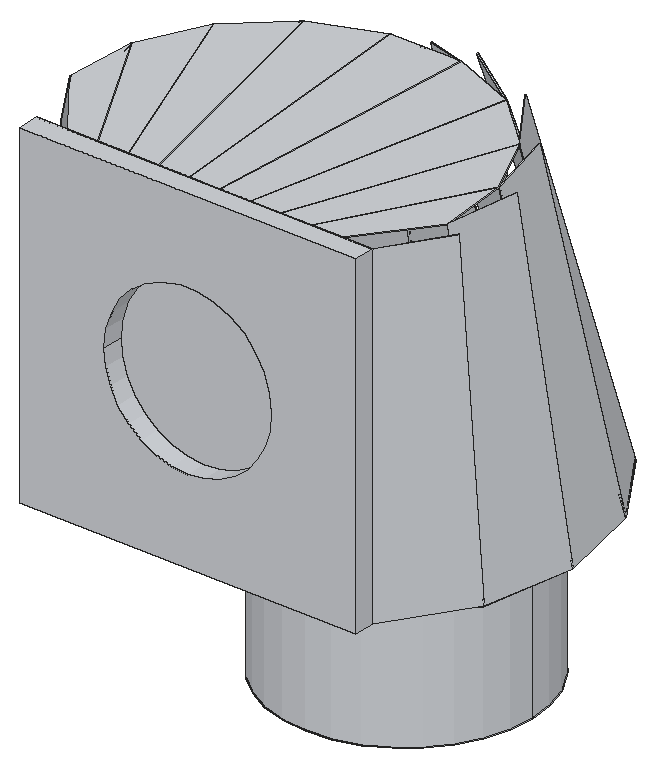
Revit family "EI_Steckdose_CEE_V1700", category Elektroinstallationen, Revit 2017
Family settings
  Beschriftungsausrichtung beibehalten = Nein
  Bemaßung runder Anschluss = Durchmesser verwenden
  Teiletyp = Normal
  OmniClass-Nummer = 23.80.00.00
  OmniClass-Titel = Electric Power and Lighting
  Arbeitsebenenbasiert = Nein
  Immer vertikal = Ja
  Beim Laden mit Abzugskörper schneiden = Ja
  Gemeinsam genutzt = Nein
  Raumberechnungspunkt = Nein
Parameters (values of type "32A")
  pbr_Material_KZ = ""
  pbr_Material = none
  pbr_E_Typ = ""
  pbr_E_KZ = ""
  pbr_DINBild = 0
  pbr_Bild = 0
  pbr_3Dx_Delta_Korrekturversatz [instance] = 0 mm
  pbr_3DX_Versatzfaktor [instance] = 0
  pbr_2DY_Versatzfaktor [instance] = 0
  pbr_2DX_Versatzfaktor [instance] = 0
  cpiFitMatchKey [instance] = "E-ST-K-3-UNT"  # constant formula
  Zentrale [instance] = ""
  Wirkleistung [instance] = 0 W
  Typ [instance] = ""
  Text3 [instance] = ""
  Text2 [instance] = ""
  Text1 [instance] = ""
  Spannung [instance] = 0
  Scheinleistung [instance] = 0 VA
  Schaltgruppe2 [instance] = 0
  Schaltgruppe1 [instance] = 0
  Polig [instance] = 1
  Planungsbüro Rohling = "www.pbr.de"
  Nennstrom [instance] = 0
  Menge(Dosenzahl) [instance] = 0
  Linie/Anschluss [instance] = ""
  Leistungsfaktor [instance] = 0
  Lastklassifizierung = none
  Installationsart [instance] = ""
  Info [instance] = ""
  Gleichzeitigkeitsfaktor3 [instance] = 0
  Gleichzeitigkeitsfaktor2 [instance] = 0
  Gleichzeitigkeitsfaktor1 [instance] = 0
  Gewerk [instance] = "Steck"
  CEE Steckdose 63A = no
  CEE Steckdose 32A = yes
  CEE Steckdose 230V = no
  CEE Steckdose 16A = no
  Eckversatz [instance] = 0 mm
  YFrontversatz [instance] = if(pbr_2DY_Versatzfaktor = 300, 0 mm, pbr_2DY_Versatzfaktor * 300 mm)  # 0 mm
  XSeitenversatz [instance] = if(pbr_2DX_Versatzfaktor = 0, 3000 mm, 3000 mm + (pbr_2DX_Versatzfaktor * 300 mm)) + Eckversatz  # 3000 mm
  X3Dversatz [instance] = if([3DX_Versatzkontrolle] = 0, 2000 mm, 2000 mm + ([3DX_Versatzkontrolle] * (300 mm - 80 mm))) + pbr_3Dx_Delta_Korrekturversatz  # 2000 mm
  Steckdosenradius = 20 mm
  R_Leerrohranschluss = 10 mm
  Niveau [instance] = 300 mm
  Dosentiefe = 70 mm  # constant formula
  Dosenradius = 65 mm / 2  # 32.5 mm
  D_Leerrohranschluss = 2 * R_Leerrohranschluss  # 20 mm
  Anlaufstrom [instance] = 0
  3DX_Versatzkontrolle [instance] = if(pbr_3DX_Versatzfaktor = 0, (pbr_2DX_Versatzfaktor * -1), (((-1 * pbr_3DX_Versatzfaktor) + pbr_2DX_Versatzfaktor) * -1))  # 0
  Platzierrahmen [instance] = no
Types (4, lengths in mm): name | CEE Steckdose 63A | CEE Steckdose 32A | CEE Steckdose 230V | CEE Steckdose 16A
  16A | no | no | no | yes
  32A | no | yes | no | no
  63A | yes | no | no | no
  230V | no | no | yes | no
Reference planes
  plane 1 "Mitte (Vorne/Hinten)": y = 0
  plane 2: z = 0
  plane 3 "Mitte (Links/Rechts)": x = 0
  plane 4: x = -125
  plane 5: x = 125
  plane 6: y = 300
  plane 7 "Schalterhinten": y = 0
  plane 8: x = -3000
  plane 9: x = 0
  plane 10: x = -40
  plane 11: x = 40
  plane 12: z = 340
  plane 13: z = 260
  plane 14 "SchalterVorne": y = 5
  plane 15 "3DSchalterMitte": x = 0
  plane 16: z = 300
  plane 17: y = -70
  plane 18: y = -35
Forms (mm)
  Extrusion 1, solid
    sketch origin (0, 20, 0) x (0, 0, 1) y (-1, 0, 0)
      loop
        line (260, 40) -> (260, -40) -> (340, -40) -> (340, 40) -> (260, 40)
    from 15 to 20
  Sweep 2, void
    path origin (0, 0, 0) x (1, 0, 0) y (0, 1, 0)
      loop
        line (0, 0) -> (0, 5)
    profile origin (0, 2.5, 0) x (-1, 0, 0) y (0, 0, 1)
      loop
        circle (0, 300) r 20
Cuts and joins
  Sweep 2 cuts Extrusion 1
Lines and regions (mm)
  model lines, visible <- "Platzierrahmen"
    curve 1: line (-125, 0, 0) -> (125, 0, 0)
    curve 2: line (-125, 300, 0) -> (-125, 0, 0)
    curve 3: line (125, 300, 0) -> (-125, 300, 0)
    curve 4: line (125, 0, 0) -> (125, 300, 0)
Dimensions and locks
  plane 4 to plane 5 = 250 mm
  plane 6 to plane 7 "Schalterhinten" = 300 mm
  equal spacing: plane 4, plane 9, plane 5, locked at 125 each
  "XSeitenversatz": plane 8 to plane 9
  plane 8 to plane 3 "Mitte (Links/Rechts)" = 3000 mm
  "YFrontversatz": plane 1 "Mitte (Vorne/Hinten)" to plane 7 "Schalterhinten"
  plane 11 to plane 10 = 80 mm
  plane 12 to plane 13 = 80 mm
  equal spacing: plane 11, plane 15 "3DSchalterMitte", plane 10
  equal spacing: plane 12, plane 16, plane 13
  "Niveau": plane 16 to level
  "Dosentiefe": plane 1 "Mitte (Vorne/Hinten)" to plane 17
  plane 14 "SchalterVorne" to plane 1 "Mitte (Vorne/Hinten)" = 5 mm
  equal spacing: plane 17, plane 18, plane 1 "Mitte (Vorne/Hinten)"
  plane 12 to Sweep 2 sketch curve = 40 mm
  locked: plane 7 "Schalterhinten" to nested 2
  locked: plane 9 to nested 2
  "Steckdosenradius": radius of Sweep 2 sketch curve
  aligned and locked: level to plane 2
  aligned and locked: curve 1 to plane 7 "Schalterhinten"
  aligned and locked: curve 2 to plane 4
  aligned and locked: curve 3 to plane 6
  aligned and locked: plane 5 to curve 4
  aligned and locked: plane 13 to Extrusion 1 sketch curve
  aligned and locked: Extrusion 1 sketch curve to plane 10
  aligned and locked: Extrusion 1 sketch curve to plane 12
  aligned and locked: plane 11 to Extrusion 1 sketch curve
  aligned and locked: plane 1 "Mitte (Vorne/Hinten)" to Extrusion 1
  aligned and locked: Extrusion 1 to plane 14 "SchalterVorne"
  aligned and locked: plane 15 "3DSchalterMitte" to Sweep 2 sketch curve
  aligned and locked: Sweep 2 sketch curve to cut or joined group of Extrusion 1, Sweep 2
  aligned and locked: plane 15 "3DSchalterMitte" to nested 1
  aligned and locked: nested 1 to cut or joined group of Extrusion 1, Sweep 2  (x2)
  aligned and locked: nested 3 to plane 9
  aligned and locked: nested 3 to plane 7 "Schalterhinten"
  aligned and locked: nested 4 to plane 9
  aligned and locked: nested 4 to plane 7 "Schalterhinten"
  aligned and locked: nested 5 to plane 9
  aligned and locked: nested 2 to nested 5
Automatic sketch dimensions
  plane 1 "Mitte (Vorne/Hinten)" to Sweep 2 sketch curve = 0 mm
  Sweep 2 sketch curve to profile plane = 0 mm
Nested families
  nested 1: "CAx_Krafsteckdose-Körper" at (0, 5, 300), type "CAx_Krafsteckdose-Körper"
  nested 2: "Steckdose CEE 16A" at (0, 0, 0), visible <- "CEE Steckdose 16A", type "Steckdose CEE 16A"
  nested 3: "Steckdose CEE 32A" at (0, 0, 0), visible <- "CEE Steckdose 32A", type "Steckdose CEE 32A"
  nested 4: "Steckdose CEE 230V" at (0, 0, 0), visible <- "CEE Steckdose 230V", type "Steckdose CEE 230V"
  nested 5: "Steckdose CEE 63A" at (0, 0, 0), visible <- "CEE Steckdose 63A", type "Steckdose CEE 63A"
Connectors
  electrical at (0, 0, 300)
    settings: on cut or joined group of Extrusion 1, Sweep 2, index 2, voltage 230 V, apparent load 0 VA, apparent load phase1 6000 VA, apparent load phase2 0 VA, apparent load phase3 0 VA, power factor 1, load classification "Steckdose", number of poles 3, system type 30, power factor state 1, is connector primary yes, connector utility no, sub classification motor no, connector description ""
Definition of nested family "CAx_Krafsteckdose-Körper"
  Reference planes
    plane 1 "Center (Front/Back)": y = 0
    plane 2: z = 0
    plane 3 "Center (Left/Right)": x = 0
  Forms (mm)
    Extrusion 1, solid
      sketch origin (0, 60, -40) x (0, 1, 0) y (1, 0, 0)
        loop
          circle (0, 0) r 30
      from 0 to 50
    Extrusion 2, void
      sketch origin (0, 60, -40) x (0, 1, 0) y (1, 0, 0)
        loop
          circle (0, 0) r 29.8
      from 0 to 50
    Extrusion 3, solid
      sketch origin (0, 60, -40) x (0, 1, 0) y (1, 0, 0)
        loop
          circle (0, 0) r 27
      from 0 to 50
    Extrusion 4, solid
      sketch origin (0, 60, -40) x (0, 1, 0) y (1, 0, 0)
        loop
          circle (0, 0) r 29
      from 0 to 50
    Extrusion 5, void
      sketch origin (0, 60, -40) x (0, 1, 0) y (1, 0, 0)
        loop
          circle (0, 0) r 28.8
      from 0 to 50
    Extrusion 6, solid
      sketch origin (0, 60, -90) x (0, 1, 0) y (1, 0, 0)
        loop
          circle (0, 0) r 29
        loop
          circle (0, 0) r 30
      from -0.1 to 0.1
    Extrusion 7, solid
      sketch origin (40, 0, -40) x (0.546662, 0.837353, 0) y (0, 0, 1)
        loop
          line (21.713, 0) -> (16.848, 80.175) -> (0, 80) -> (0, 0) -> (21.713, 0)
      from -0.1 to 0.1
    Extrusion 8, solid
      sketch origin (51.87, 18.181, -40) x (0.202163, 0.900698, -0.384543) y (0, 0.39265, 0.919688)
        loop
          line (20.032, 8.376) -> (-18.699, 79.733) -> (-34.035, 72.755) -> (0, 0) -> (20.032, 8.376)
      from -0.1 to 0.1
    Extrusion 9, solid
      sketch origin (55.919, 39.513, -40) x (0.257557, -0.746713, -0.613258) y (0, 0.634669, -0.772784)
        loop
          line (-17.008, 13.497) -> (-60.947, -56.204) -> (-47.254, -66.022) -> (0, 0) -> (-17.008, 13.497)
      from -0.1 to 0.1
    Extrusion 10, solid
      sketch origin (51.539, 60.78, -40) x (0.593363, -0.737306, -0.322956) y (0, 0.40122, -0.915982)
        loop
          line (-20.477, 7.22) -> (-41.629, -73.748) -> (-25.427, -78.373) -> (0, 0) -> (-20.477, 7.22)
      from -0.1 to 0.1
    Extrusion 11, solid
      sketch origin (39.388, 78.774, -40) x (0.848648, -0.496549, -0.182305) y (0, 0.344649, -0.938731)
        loop
          line (-21.315, 4.139) -> (-34.723, -79.615) -> (-18.007, -81.724) -> (0, 0) -> (-21.315, 4.139)
      from -0.1 to 0.1
    Extrusion 12, solid
      sketch origin (21.3, 90.785, -40) x (0.982949, -0.173807, -0.060014) y (0, 0.326383, -0.945238)
        loop
          line (-21.669, 1.376) -> (-21.523, -83.818) -> (-13.099, -83.803) -> (0, 0) -> (-21.669, 1.376)
      from -0.1 to 0.1
    Extrusion 13, solid
      sketch origin (0, 95, -40) x (0.983167, 0.171572, 0.062818) y (0, 0.343812, -0.939038)
        loop
          line (-21.664, -1.449) -> (-8.424, -85.23) -> (0, -85.194) -> (0, 0) -> (-21.664, -1.449)
      from -0.1 to 0.1
    Extrusion 14, solid
      sketch origin (-21.3, 90.785, -40) x (0.852904, 0.481286, 0.202286) y (0, 0.38747, -0.921882)
        loop
          line (-21.208, -4.654) -> (-1.561, -85.999) -> (15.096, -83.467) -> (0, 0) -> (-21.208, -4.654)
      from -0.1 to 0.1
    Extrusion 15, solid
      sketch origin (-39.388, 78.774, -40) x (0.60612, 0.704739, 0.368728) y (0, 0.463592, -0.886049)
        loop
          line (-20.046, -8.342) -> (9.3, -85.334) -> (25.212, -79.796) -> (0, 0) -> (-20.046, -8.342)
      from -0.1 to 0.1
    Extrusion 16, solid
      sketch origin (-51.539, 60.78, -40) x (0.289386, 0.652191, 0.700645) y (0, 0.731963, -0.681344)
        loop
          line (-15.137, -15.566) -> (39.836, -75.315) -> (52.137, -63.801) -> (0, 0) -> (-15.137, -15.566)
      from -0.1 to 0.1
    Extrusion 17, solid
      sketch origin (-55.919, 39.513, -40) x (0.227646, -0.790739, 0.568251) y (0, 0.583573, 0.812061)
        loop
          line (17.79, -12.449) -> (66.982, 51.048) -> (53.463, 61.103) -> (0, 0) -> (17.79, -12.449)
      from -0.1 to 0.1
    Extrusion 18, solid
      sketch origin (-51.87, 18.181, -40) x (0.548789, -0.831335, 0.087824) y (0, 0.105058, 0.994466)
        loop
          line (21.629, -1.91) -> (29.309, 77.72) -> (12.538, 79.338) -> (0, 0) -> (21.629, -1.91)
      from -0.1 to 0.1
    Extrusion 19, solid
      sketch origin (44.989, 16.093, 40) x (1, 0, 0) y (0, 1, 0)
        loop
          line (-1.24, 16.803) -> (-19.534, -16.093) -> (-12.262, -16.093) -> (0, 0) -> (-1.24, 16.803)
      from -0.1 to 0.1
    Extrusion 20, solid
      sketch origin (43.749, 32.896, 40) x (1, 0, 0) y (0, 1, 0)
        loop
          line (-7.298, 15.186) -> (-25.567, -32.896) -> (-18.294, -32.896) -> (0, 0) -> (-7.298, 15.186)
      from -0.1 to 0.1
    Extrusion 21, solid
      sketch origin (36.451, 48.082, 40) x (1, 0, 0) y (0, 1, 0)
        loop
          line (-12.345, 11.467) -> (-25.542, -48.082) -> (-18.269, -48.082) -> (0, 0) -> (-12.345, 11.467)
      from -0.1 to 0.1
    Extrusion 22, solid
      sketch origin (24.107, 59.549, 40) x (1, 0, 0) y (0, 1, 0)
        loop
          line (-15.682, 6.16) -> (-20.47, -59.549) -> (-13.198, -59.549) -> (0, 0) -> (-15.682, 6.16)
      from -0.1 to 0.1
    Extrusion 23, solid
      sketch origin (8.424, 65.709, 40) x (1, 0, 0) y (0, 1, 0)
        loop
          line (-16.849, 0) -> (-12.061, -65.709) -> (-4.788, -65.709) -> (0, 0) -> (-16.849, 0)
      from -0.1 to 0.1
    Extrusion 24, solid
      sketch origin (-8.424, 65.709, 40) x (1, 0, 0) y (0, 1, 0)
        loop
          line (-15.682, -6.16) -> (-2.485, -65.709) -> (4.788, -65.709) -> (0, 0) -> (-15.682, -6.16)
      from -0.1 to 0.1
    Extrusion 25, solid
      sketch origin (-24.107, 59.549, 40) x (1, 0, 0) y (0, 1, 0)
        loop
          line (-12.345, -11.467) -> (5.925, -59.549) -> (13.198, -59.549) -> (0, 0) -> (-12.345, -11.467)
      from -0.1 to 0.1
    Extrusion 26, solid
      sketch origin (-36.451, 48.082, 40) x (1, 0, 0) y (0, 1, 0)
        loop
          line (-7.298, -15.186) -> (10.997, -48.082) -> (18.269, -48.082) -> (0, 0) -> (-7.298, -15.186)
      from -0.1 to 0.1
    Extrusion 27, solid
      sketch origin (-43.749, 32.896, 40) x (1, 0, 0) y (0, 1, 0)
        loop
          line (-1.24, -16.803) -> (11.021, -32.896) -> (18.294, -32.896) -> (0, 0) -> (-1.24, -16.803)
      from -0.1 to 0.1
    Extrusion 28, solid
      sketch origin (51.87, 18.181, -40) x (1, 0, 0) y (0, 1, 0)
        loop
          line (4.05, 21.332) -> (-25.203, -18.181) -> (-18.536, -18.181) -> (0, 0) -> (4.05, 21.332)
      from -0.1 to 0.1
    Extrusion 29, solid
      sketch origin (55.919, 39.513, -40) x (1, 0, 0) y (0, 1, 0)
        loop
          line (-4.381, 21.266) -> (-35.919, -39.513) -> (-29.253, -39.513) -> (0, 0) -> (-4.381, 21.266)
      from -0.1 to 0.1
    Extrusion 30, solid
      sketch origin (51.539, 60.78, -40) x (1, 0, 0) y (0, 1, 0)
        loop
          line (-12.15, 17.995) -> (-38.205, -60.78) -> (-31.539, -60.78) -> (0, 0) -> (-12.15, 17.995)
      from -0.1 to 0.1
    Extrusion 31, solid
      sketch origin (39.388, 78.774, -40) x (1, 0, 0) y (0, 1, 0)
        loop
          line (-18.089, 12.01) -> (-32.722, -78.774) -> (-26.055, -78.774) -> (0, 0) -> (-18.089, 12.01)
      from -0.1 to 0.1
    Extrusion 32, solid
      sketch origin (21.3, 90.785, -40) x (1, 0, 0) y (0, 1, 0)
        loop
          line (-21.3, 4.215) -> (-21.3, -90.785) -> (-14.633, -90.785) -> (0, 0) -> (-21.3, 4.215)
      from -0.1 to 0.1
    Extrusion 33, solid
      sketch origin (0, 95, -40) x (1, 0, 0) y (0, 1, 0)
        loop
          line (-21.3, -4.215) -> (-6.667, -95) -> (0, -95) -> (0, 0) -> (-21.3, -4.215)
      from -0.1 to 0.1
    Extrusion 34, solid
      sketch origin (-21.3, 90.785, -40) x (1, 0, 0) y (0, 1, 0)
        loop
          line (-18.089, -12.01) -> (7.966, -90.785) -> (14.633, -90.785) -> (0, 0) -> (-18.089, -12.01)
      from -0.1 to 0.1
    Extrusion 35, solid
      sketch origin (-39.388, 78.774, -40) x (1, 0, 0) y (0, 1, 0)
        loop
          line (-12.15, -17.995) -> (19.388, -78.774) -> (26.055, -78.774) -> (0, 0) -> (-12.15, -17.995)
      from -0.1 to 0.1
    Extrusion 36, solid
      sketch origin (-51.539, 60.78, -40) x (1, 0, 0) y (0, 1, 0)
        loop
          line (-4.381, -21.266) -> (24.872, -60.78) -> (31.539, -60.78) -> (0, 0) -> (-4.381, -21.266)
      from -0.1 to 0.1
    Extrusion 37, solid
      sketch origin (-55.919, 39.513, -40) x (1, 0, 0) y (0, 1, 0)
        loop
          line (4.05, -21.332) -> (22.586, -39.513) -> (29.253, -39.513) -> (0, 0) -> (4.05, -21.332)
      from -0.1 to 0.1
    Extrusion 38, solid
      sketch origin (-40, 0, 40) x (0, 0, -1) y (1, 0, 0)
        loop
          line (80, 0) -> (80, 80) -> (0, 80) -> (0, 0) -> (80, 0)
      from -0.1 to 0.1
  Cuts and joins
    Extrusion 2 cuts Extrusion 1
    Extrusion 5 cuts Extrusion 4
  Dimensions and locks
    aligned and locked: level to plane 2
Definition of nested family "Steckdose CEE 16A"
  Parameters (values of type "Steckdose CEE 16A")
    A = yes
    6 = yes
    1 = yes
  Reference planes
    plane 1 "Mitte (Vorne/Hinten)": y = 0
    plane 2: z = 0
    plane 3 "Mitte (Links/Rechts)": x = 0
  Lines and regions (mm)
    Filled region 1, type "Beton", in view "Referenzebene", visible <- "1"
      outline origin (-779.055, 864.623, 0) x (-1, 0, 0) y (0, -1, 0)
        loop
          spline (-596.613, 740.619) -> (-600.133, 734.469) -> (-603.616, 729.656) -> (-607.816, 724.805) -> (-611.288, 721.205) -> (-614.979, 717.776) -> (-618.766, 714.444) -> (-622.098, 711.742) -> (-626.296, 708.64) -> (-630.935, 705.435) -> (-635.795, 702.437) -> (-641.303, 699.389) -> (-647.933, 696.038)
          line (-647.933, 696.038) -> (-647.933, 674.976)
          spline (-647.933, 674.976) -> (-642.743, 677.098) -> (-639.447, 678.604) -> (-636.041, 680.232) -> (-632.493, 682.054) -> (-629.329, 683.784) -> (-626.235, 685.562) -> (-623.115, 687.389) -> (-619.672, 689.544) -> (-615.704, 692.217) -> (-612.483, 694.467) -> (-609.071, 697.171) -> (-604.351, 701.281)
          line (-604.351, 701.281) -> (-604.351, 565.908) -> (-582.594, 565.908) -> (-582.594, 740.619) -> (-596.613, 740.619)
    Filled region 2, type "Beton", in view "Referenzebene", visible <- "6"
      outline origin (-226.008, 856.357, 0) x (-1, 0, 0) y (0, -1, 0)
        loop
          line (110.507, 694.729) -> (132.12, 696.442)
          spline (132.12, 696.442) -> (101.04, 737.898) -> (53.476, 733.755) -> (26.219, 699.909) -> (18.961, 657.855) -> (21.692, 609.85) -> (44.028, 571.926) -> (82.849, 559.125) -> (117.959, 575.783) -> (132.966, 621.011) -> (113.339, 665.065) -> (70.63, 675.35) -> (40.193, 653.698)
          line (40.193, 653.698) -> (40.193, 663.698)
          spline (40.193, 663.698) -> (43.359, 685.545) -> (47.569, 698.452) -> (52.195, 706.491) -> (56.992, 712.211) -> (62.053, 716.946) -> (68.156, 720.555) -> (75.887, 722.336) -> (83.451, 722.713) -> (90.116, 721.586) -> (96.85, 718.111) -> (103.842, 711.704) -> (110.507, 694.729)
        loop
          spline (78.41, 576.009) -> (87.469, 577.421) -> (95.91, 581.563) -> (103.159, 588.15) -> (108.721, 596.736) -> (112.217, 606.734) -> (113.41, 617.463) -> (112.217, 628.192) -> (108.721, 638.19) -> (103.159, 646.775) -> (95.91, 653.363) -> (87.469, 657.504) -> (78.41, 658.917)
          spline (78.41, 658.917) -> (69.351, 657.504) -> (60.91, 653.363) -> (53.661, 646.775) -> (48.099, 638.19) -> (44.603, 628.192) -> (43.41, 617.463) -> (44.603, 606.734) -> (48.099, 596.736) -> (53.661, 588.15) -> (60.91, 581.563) -> (69.351, 577.421) -> (78.41, 576.009)
    Filled region 3, type "Beton", in view "Referenzebene", visible <- "A"
      outline origin (-2477.904, 1241.342, 0) x (-1, 0, 0) y (0, -1, 0)
        loop
          line (-2102.291, 942.626) -> (-2077.464, 942.626) -> (-2057.901, 996.376) -> (-1983.637, 996.376) -> (-1962.821, 942.626) -> (-1936.216, 942.626) -> (-2008.949, 1120.011) -> (-2033.949, 1120.011) -> (-2102.291, 942.626)
        loop
          line (-2051.01, 1015.307) -> (-1990.968, 1015.307) -> (-2022.201, 1101.118) -> (-2051.01, 1015.307)
    detail lines, in view "Referenzebene"
      curve 1: line (-51.363, 60.309, 0) -> (51.363, 114.691, 0)
      curve 2: line (-51.363, 89.169, 0) -> (49.228, 142.42, 0)
      curve 3: line (-51.363, 30.907, 0) -> (51.363, 85.289, 0)
      curve 4: arc (-122.5, 297.5, 0) -> (0, 175, 0) -> (122.5, 297.5, 0) r 122.5
      curve 5: line (0, 175, 0) -> (0, 0, 0)
      curve 6: line (122.5, 175, 0) -> (-122.5, 175, 0)
Definition of nested family "Steckdose CEE 32A"
  Parameters (values of type "Steckdose CEE 32A")
    A = yes
    3 = yes
    2 = yes
  Reference planes
    plane 1 "Mitte (Vorne/Hinten)": y = 0
    plane 2: z = 0
    plane 3 "Mitte (Links/Rechts)": x = 0
  Lines and regions (mm)
    Filled region 1, type "Beton", in view "Referenzebene", visible <- "2"
      outline origin (-779.533, 859.181, 0) x (-1, 0, 0) y (0, -1, 0)
        loop
          spline (-500.362, 583.415) -> (-481.712, 604.072) -> (-460.099, 622.632) -> (-441.086, 639.954) -> (-425.343, 657.402) -> (-415.024, 679.181) -> (-415.138, 704.012) -> (-425.744, 723.592) -> (-447.476, 737.58) -> (-471.784, 740.518) -> (-496.145, 735.641) -> (-514.702, 721.556) -> (-526.458, 689.354)
          line (-526.458, 689.354) -> (-504.14, 687.008)
          spline (-504.14, 687.008) -> (-497.78, 709.421) -> (-480.064, 721.313) -> (-457.427, 720.902) -> (-440.406, 707.709) -> (-436.507, 686.39) -> (-445.81, 666.112) -> (-459.923, 650.368) -> (-477.696, 634.346) -> (-496.478, 618.446) -> (-510.529, 604.706) -> (-524.241, 585.936) -> (-530.658, 562.463)
          line (-530.658, 562.463) -> (-413.386, 562.463) -> (-413.386, 583.415) -> (-500.362, 583.415)
    Filled region 2, type "Beton", in view "Referenzebene", visible <- "3"
      outline origin (-518.04, 858.02, 0) x (-1, 0, 0) y (0, -1, 0)
        loop
          line (-367.034, 690.667) -> (-366.376, 694.302)
          spline (-366.376, 694.302) -> (-359.513, 710.921) -> (-351.166, 718.436) -> (-340.289, 722.318) -> (-328.597, 722.189) -> (-317.801, 717.981) -> (-309.306, 708.911) -> (-306.257, 699.111) -> (-306.905, 686.508) -> (-312.118, 676.792) -> (-322.311, 669.638) -> (-332.529, 666.267) -> (-345.65, 665.525)
          line (-345.65, 665.525) -> (-347.991, 646.462)
          spline (-347.991, 646.462) -> (-330.743, 648.788) -> (-315.333, 644.833) -> (-304.507, 635.746) -> (-298.919, 622.954) -> (-298.272, 607.811) -> (-303.39, 594.42) -> (-312.521, 584.282) -> (-326.252, 578.116) -> (-341.249, 578.087) -> (-353.524, 583.157) -> (-362.767, 593.679) -> (-369.237, 612.215)
          line (-369.237, 612.215) -> (-390.886, 609.172)
          spline (-390.886, 609.172) -> (-382.794, 584.335) -> (-366.983, 568.205) -> (-353.592, 562.011) -> (-335.066, 559.298) -> (-317.428, 561.266) -> (-301.412, 568.044) -> (-286.116, 581.614) -> (-277.776, 596.748) -> (-274.826, 615.281) -> (-277.629, 632.588) -> (-288.138, 648.515) -> (-305.499, 657.924)
          line (-305.499, 657.924) -> (-307.998, 658.547)
          spline (-307.998, 658.547) -> (-293.295, 668.849) -> (-285.131, 683.103) -> (-283.76, 699.532) -> (-288.056, 713.858) -> (-298.315, 727.386) -> (-311.481, 735.63) -> (-327.33, 740.028) -> (-343.273, 740.071) -> (-358.768, 735.863) -> (-372.449, 726.929) -> (-381.996, 714.371) -> (-388.826, 694.612)
          line (-388.826, 694.612) -> (-367.034, 690.667)
    Filled region 3, type "Beton", in view "Referenzebene", visible <- "A"
      outline origin (-2477.904, 1239.344, 0) x (-1, 0, 0) y (0, -1, 0)
        loop
          line (-2102.291, 942.626) -> (-2077.464, 942.626) -> (-2057.901, 996.376) -> (-1983.637, 996.376) -> (-1962.821, 942.626) -> (-1936.216, 942.626) -> (-2008.949, 1120.011) -> (-2033.949, 1120.011) -> (-2102.291, 942.626)
        loop
          line (-2051.01, 1015.307) -> (-1990.968, 1015.307) -> (-2022.201, 1101.118) -> (-2051.01, 1015.307)
    detail lines, in view "Referenzebene"
      curve 1: line (-51.363, 58.312, 0) -> (51.363, 112.694, 0)
      curve 2: line (-51.363, 87.172, 0) -> (49.228, 140.423, 0)
      curve 3: line (-51.363, 28.91, 0) -> (51.363, 83.291, 0)
      curve 4: arc (-122.5, 295.503, 0) -> (0, 173.003, 0) -> (122.5, 295.503, 0) r 122.5
      curve 5: line (0, 173.003, 0) -> (0, -1.997, 0)
      curve 6: line (122.5, 173.003, 0) -> (-122.5, 173.003, 0)
Definition of nested family "Steckdose CEE 230V"
  Reference planes
    plane 1 "Mitte (Vorne/Hinten)": y = 0
    plane 2: z = 0
    plane 3 "Mitte (Links/Rechts)": x = 0
    plane 4: y = 0
    plane 5: x = 0
  Lines and regions (mm)
    detail lines, in view "Referenzebene"
      curve 1: line (0, 0, 0) -> (0, 150, 0)
      curve 2: arc (125, 275.721, 0) -> (0, 150.721, 0) -> (-125, 275.721, 0) r 125
      curve 3: line (-29.353, 55.938, 0) -> (29.353, 94.062, 0)
      curve 4: line (0, 150, 0) -> (-125, 150, 0)
      curve 5: line (0, 150, 0) -> (125, 150, 0)
Definition of nested family "Steckdose CEE 63A"
  Parameters (values of type "Steckdose CEE 63A")
    A = yes
    6 = yes
    3 = yes
  Reference planes
    plane 1 "Mitte (Vorne/Hinten)": y = 0
    plane 2: z = 0
    plane 3 "Mitte (Links/Rechts)": x = 0
    plane 4: y = 0
    plane 5: x = 0
  Lines and regions (mm)
    Filled region 1, type "Beton", in view "Referenzebene", visible <- "3"
      outline origin (-602.049, 833.604, 0) x (-1, 0, 0) y (0, -1, 0)
        loop
          line (-367.034, 690.667) -> (-366.376, 694.302)
          spline (-366.376, 694.302) -> (-359.513, 710.921) -> (-351.166, 718.436) -> (-340.289, 722.318) -> (-328.597, 722.189) -> (-317.801, 717.981) -> (-309.306, 708.911) -> (-306.257, 699.111) -> (-306.905, 686.508) -> (-312.118, 676.792) -> (-322.311, 669.638) -> (-332.529, 666.267) -> (-345.65, 665.525)
          line (-345.65, 665.525) -> (-347.991, 646.462)
          spline (-347.991, 646.462) -> (-330.743, 648.788) -> (-315.333, 644.833) -> (-304.507, 635.746) -> (-298.919, 622.954) -> (-298.272, 607.811) -> (-303.39, 594.42) -> (-312.521, 584.282) -> (-326.252, 578.116) -> (-341.249, 578.087) -> (-353.524, 583.157) -> (-362.767, 593.679) -> (-369.237, 612.215)
          line (-369.237, 612.215) -> (-390.886, 609.172)
          spline (-390.886, 609.172) -> (-382.794, 584.335) -> (-366.983, 568.205) -> (-353.592, 562.011) -> (-335.066, 559.298) -> (-317.428, 561.266) -> (-301.412, 568.044) -> (-286.116, 581.614) -> (-277.776, 596.748) -> (-274.826, 615.281) -> (-277.629, 632.588) -> (-288.138, 648.515) -> (-305.499, 657.924)
          line (-305.499, 657.924) -> (-307.998, 658.547)
          spline (-307.998, 658.547) -> (-293.295, 668.849) -> (-285.131, 683.103) -> (-283.76, 699.532) -> (-288.056, 713.858) -> (-298.315, 727.386) -> (-311.481, 735.63) -> (-327.33, 740.028) -> (-343.273, 740.071) -> (-358.768, 735.863) -> (-372.449, 726.929) -> (-381.996, 714.371) -> (-388.826, 694.612)
          line (-388.826, 694.612) -> (-367.034, 690.667)
    Filled region 2, type "Beton", in view "Referenzebene", visible <- "6"
      outline origin (-74.888, 834.834, 0) x (-1, 0, 0) y (0, -1, 0)
        loop
          line (110.507, 694.729) -> (132.12, 696.442)
          spline (132.12, 696.442) -> (101.04, 737.898) -> (53.476, 733.755) -> (26.219, 699.909) -> (18.961, 657.855) -> (21.692, 609.85) -> (44.028, 571.926) -> (82.849, 559.125) -> (117.959, 575.783) -> (132.966, 621.011) -> (113.339, 665.065) -> (70.63, 675.35) -> (40.193, 653.698)
          line (40.193, 653.698) -> (40.193, 663.698)
          spline (40.193, 663.698) -> (43.359, 685.545) -> (47.569, 698.452) -> (52.195, 706.491) -> (56.992, 712.211) -> (62.053, 716.946) -> (68.156, 720.555) -> (75.887, 722.336) -> (83.451, 722.713) -> (90.116, 721.586) -> (96.85, 718.111) -> (103.842, 711.704) -> (110.507, 694.729)
        loop
          spline (78.41, 576.009) -> (87.469, 577.421) -> (95.91, 581.563) -> (103.159, 588.15) -> (108.721, 596.736) -> (112.217, 606.734) -> (113.41, 617.463) -> (112.217, 628.192) -> (108.721, 638.19) -> (103.159, 646.775) -> (95.91, 653.363) -> (87.469, 657.504) -> (78.41, 658.917)
          spline (78.41, 658.917) -> (69.351, 657.504) -> (60.91, 653.363) -> (53.661, 646.775) -> (48.099, 638.19) -> (44.603, 628.192) -> (43.41, 617.463) -> (44.603, 606.734) -> (48.099, 596.736) -> (53.661, 588.15) -> (60.91, 581.563) -> (69.351, 577.421) -> (78.41, 576.009)
    Filled region 3, type "Beton", in view "Referenzebene", visible <- "A"
      outline origin (-2427.904, 1216.633, 0) x (-1, 0, 0) y (0, -1, 0)
        loop
          line (-2102.291, 942.626) -> (-2077.464, 942.626) -> (-2057.901, 996.376) -> (-1983.637, 996.376) -> (-1962.821, 942.626) -> (-1936.216, 942.626) -> (-2008.949, 1120.011) -> (-2033.949, 1120.011) -> (-2102.291, 942.626)
        loop
          line (-2051.01, 1015.307) -> (-1990.968, 1015.307) -> (-2022.201, 1101.118) -> (-2051.01, 1015.307)
    detail lines, in view "Referenzebene"
      curve 1: line (0, -1.714, 0) -> (0, 148.286, 0)
      curve 2: arc (125, 274.007, 0) -> (0, 149.007, 0) -> (-125, 274.007, 0) r 125
      curve 3: line (0, 103.286, 0) -> (29.353, 122.348, 0)
      curve 4: line (0, 103.286, 0) -> (-29.353, 84.224, 0)
      curve 5: line (0, 43.286, 0) -> (29.353, 62.348, 0)
      curve 6: line (0, 43.286, 0) -> (-29.353, 24.224, 0)
      curve 7: line (-29.353, 54.224, 0) -> (29.353, 92.348, 0)
      curve 8: line (0, 148.286, 0) -> (-125, 148.286, 0)
      curve 9: line (0, 148.286, 0) -> (125, 148.286, 0)
  Dimensions and locks
    aligned and locked: curve 4 to curve 3
    aligned and locked: curve 6 to curve 5
